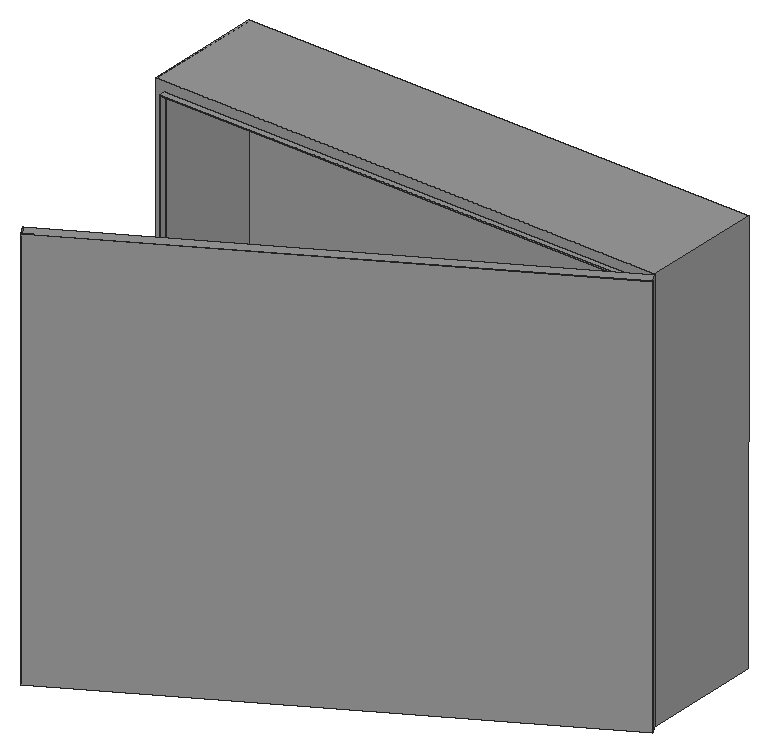
Revit family "Hager-Univers-IP44-D205-H650-Cl.I-Encl-NoHosted-CH-en", category Equipement électrique, Revit 2020
Family settings
  Configuration du panneau = Deux colonnes, circuits au sein
  Cote de connecteur circulaire = Utiliser le diamètre
  Type d'élément = Tableau de raccordement
  Basée sur le plan de construction = Oui
  Toujours verticalement = Oui
  Couper avec des vides une fois chargée = Non
  Partagée = Non
  Point de calcul de pièce = Non
Parameters (values of type "Surface mounted (plaster) IP44 W800 H650 D205  - FP43TN2")
  Width Control [instance] = if([EF000008 - Width] > Min Width, [EF000008 - Width], Min Width)  # 800 mm
  Commentaires du type = [HG000003 - Range]  # "Univers"
  Thickness Door [instance] = if([EF009171 - Material plate thickness door/cover] > 3 mm, 3 mm, [EF009171 - Material plate thickness door/cover])  # 1 mm
  Seal Frame Offset [instance] = 17 mm  # constant formula
  Plinth Visibility [instance] = [HG000027 - Plinth height] > 0 mm  # no
  Min Width [instance] = 100 mm  # constant formula
  Min Depth [instance] = (2 * [EF009170 - Material plate thickness cabinet]) + 1 mm  # 3 mm
  Min Height [instance] = 100 mm  # constant formula
  Internal Frame Depth [instance] = (Door System Depth * 0.5)  # 9 mm
  Panel Name [instance] = ""  # (empty or 0)
  Model = ""
  HG000027 - Plinth height = 0 mm
  HG000026 - Floor standing = no
  HG000024 - Bottom section height = 600 mm
  HG000023 - Double section enclosure = no
  HG000016 - Door 3d visibility [instance] = yes
  HG000015 - Clearance visibility [instance] = no
  HG000014 - Door on the right [instance] = yes
  HG000013 - Door on the left [instance] = not([HG000014 - Door on the right])  # no
  HG000012 - Door swing angle [instance] = 30.00°
  HG000010 - Asymmetric doors = no
  HG000009 - Double swing door = no
  HG000006 - Flush mounted = no
  HG000004 - Manufacturer reference = "FP43TN2"
  HG000003 - Range = "Univers"
  HG000002 - With door or cover = yes
  Frame Offset Bottom [instance] = 10 mm  # constant formula
  Frame Offset [instance] = 15 mm  # constant formula
  EF015940 - Cover with overpressure release = no
  EF011959 - Degree of protection (NEMA) = ""
  EF009554 - Number of openings for flange plates = 6
  EF009212 - Cover model = "EV000116 - Closed"
  EF009171 - Material plate thickness door/cover = 1 mm
  EF009170 - Material plate thickness cabinet = 1 mm
  EF008873 - Nominal current (In) = 250 A
  EF007800 - Suitable for lightning protection = no
  EF006306 - With lock = no
  EF006244 - Transparent cover/door = no
  EF005474 - Degree of protection (IP) = "EV006418 - IP44"
  EF004464 - Type of door = "EV002646 - Single"
  EF004427 - Number of modules = 144
  EF004293 - Impact strength = "EV006815 - IK09"
  EF003532 - Suitable for outdoor use = no
  EF002950 - Width in number of modular spacings = 36
  EF001613 - Circuit integrity = "EV000494 - None"
  EF001596 - Material housing = "EV000179 - Steel"
  EF001131 - Internal depth = 205 mm
  EF001088 - Extension possible = yes
  EF000437 - Number of conduit inlets = 6
  EF000339 - Type of cover = "EV001012 - Cover"
  EF000266 - Number of rows = 4
  EF000218 - Built-in depth = 205 mm
  EF000118 - With mounting plate = no
  EF000116 - RAL-number = "9010"
  EF000049 - Depth = 205 mm
  EF000040 - Height = 650 mm
  EF000008 - Width = 800 mm
  EF000007 - Colour = "EV000202 - White"
  EF000003 - Mounting method = "EV000384 - Surface mounted (plaster)"
  Door System Leaf Tolerance [instance] = 1.5 mm  # constant formula
  Door System Depth [instance] = 18 mm  # constant formula
  Door Height [instance] = Height Control - [HG000027 - Plinth height]  # 650 mm
  Description = ""
  Default Elevation = 1219.2 mm
  Connector Offset [instance] = Height Control / 2  # 325 mm
  Fabricant = "Hager"  # constant formula
  Height Control [instance] = if([EF000040 - Height] > Min Height, [EF000040 - Height], Min Height)  # 650 mm
  Depth Control [instance] = if([EF000049 - Depth] > Min Depth, [EF000049 - Depth], Min Depth)  # 205 mm
  Bottom Top Plate Trim [instance] = 1.5 mm  # constant formula
  Plinth height Ctrl [instance] = if([HG000027 - Plinth height] > 0 mm, [HG000027 - Plinth height], 12 mm)  # 12 mm
Types (9, lengths in mm): name | Width Control | HG000010 - Asymmetric doors | HG000009 - Double swing door | HG000004 - Manufacturer reference | EF009554 - Number of openings for flange plates | EF004464 - Type of door | EF004427 - Number of modules | EF002950 - Width in number of modular spacings | EF000437 - Number of conduit inlets | EF000218 - Built-in depth | EF000008 - Width
  Surface mounted (plaster) IP44 W1050 H650 D205  - FP44QT | 1050 | no | no | "FP44QT" | 8 | "EV003602 - Double" | 192 | 48 | 8 | 0 | 1050
  Surface mounted (plaster) IP44 W1050 H650 D205  - FP44TN2 | 1050 | no | yes | "FP44TN2" | 8 | "EV003602 - Double" | 192 | 48 | 8 | 205 | 1050
  Surface mounted (plaster) IP44 W1300 H650 D205  - FP45TN2 | 1300 | yes | yes | "FP45TN2" | 10 | "EV003602 - Double" | 240 | 60 | 10 | 205 | 1300
  Surface mounted (plaster) IP44 W300 H650 D205  - FP41QT | 300 | no | no | "FP41QT" | 2 | "EV002646 - Single" | 48 | 12 | 2 | 0 | 300
  Surface mounted (plaster) IP44 W300 H650 D205  - FP41TN2 | 300 | no | no | "FP41TN2" | 2 | "EV002646 - Single" | 48 | 12 | 2 | 205 | 300
  Surface mounted (plaster) IP44 W550 H650 D205  - FP42QT | 550 | no | no | "FP42QT" | 4 | "EV002646 - Single" | 96 | 24 | 4 | 0 | 550
  Surface mounted (plaster) IP44 W550 H650 D205  - FP42TN2 | 550 | no | no | "FP42TN2" | 4 | "EV002646 - Single" | 96 | 24 | 4 | 205 | 550
  Surface mounted (plaster) IP44 W800 H650 D205  - FP43QT | 800 | no | no | "FP43QT" | 6 | "EV002646 - Single" | 144 | 36 | 6 | 0 | 800
  Surface mounted (plaster) IP44 W800 H650 D205  - FP43TN2 | 800 | no | no | "FP43TN2" | 6 | "EV002646 - Single" | 144 | 36 | 6 | 205 | 800
Reference planes
  plane 1 "Center (Front/Back)": y = 0
  plane 2: z = 0
  plane 3 "Center (Left/Right)": x = 0
  plane 4: y = 0
  plane 5: y = 0
  plane 6: z = 0
  plane 7: x = -400
  plane 8: x = 400
  plane 9: x = 399
  plane 10: x = -399
  plane 11: z = 0
  plane 12: z = 1
  plane 13: y = -205
  plane 14: y = -1
  plane 15: x = 0
  plane 16: y = -187
  plane 17: y = -204
  plane 18: y = -186
  plane 19: x = -384
  plane 20: x = 384
  plane 21: z = 11
  plane 22: x = -383
  plane 23: x = 383
  plane 24: z = 0
  plane 25: z = 650
  plane 26: z = 650
  plane 27: z = 634
  plane 28: z = 649
Forms (mm)
  Extrusion 1, solid, material "Hager_Steel_RAL7035_Light_Grey", detail levels medium+fine
    sketch origin (-208.679, -4572, 0) x (-1, 0, 0) y (0, -1, 0)
      loop
        line (191.321, -4385) -> (-608.679, -4385) -> (-608.679, -4572) -> (191.321, -4572) -> (191.321, -4385)
    from 0 to 650
  Extrusion 2, void
    sketch origin (-350.771, -205, 1219.2) x (1, 0, 0) y (0, 0, 1)
      loop
        line (-48.229, -570.2) -> (-48.229, -1218.2) -> (749.771, -1218.2) -> (749.771, -570.2) -> (-48.229, -570.2)
    from -19 to -204
  Extrusion 3, void
    sketch origin (-290.084, -187, 1219.2) x (1, 0, 0) y (0, 0, 1)
      loop
        line (-93.916, -1208.2) -> (674.084, -1208.2) -> (674.084, -585.2) -> (-93.916, -585.2) -> (-93.916, -1208.2)
    from 0 to -1
  Extrusion 4, solid, material "Hager_Steel_RAL7035_Light_Grey", visible <- "Plinth Visibility", detail levels medium+fine
    sketch origin (0, 0, 0) x (1, 0, 0) y (0, 1, 0)
      loop
        line (-400, 0) -> (-400, -187) -> (400, -187) -> (400, 0) -> (-400, 0)
    from 0 to 12 <- "Plinth height Ctrl"
  Extrusion 5, solid, material "Hager_Steel_RAL7035_Light_Grey", detail levels coarse
    sketch origin (0, 0, 0) x (1, 0, 0) y (0, 1, 0)
      loop
        line (-400, 0) -> (-400, -205) -> (400, -205) -> (400, 0) -> (-400, 0)
    from 0 to 650 <- "Height Control"
  Sweep 6, void
    path in 3D
      loop
        line (-400, -187, 12) -> (400, -187, 12) -> (400, 0, 12) -> (-400, 0, 12) -> (-400, -187, 12)
    profile origin (-400, -93.5, 12) x (1, 0, 0) y (0, 0, 1)
      loop
        line (0, 0) -> (0, -1.5) -> (1.5, -1.5)
        arc (1.5, -1.5) -> (1.061, -0.439) -> (0, 0) r 1.5
  Extrusion 7, solid, material "Hager_Steel_RAL7035_Light_Grey", detail levels fine
    sketch origin (-400, -187, 0) x (1, 0, 0) y (0, 0, 1)
      loop
        line (16, 11) -> (784, 11) -> (784, 634) -> (16, 634) -> (16, 11)
      loop
        line (15, 10) -> (785, 10) -> (785, 635) -> (15, 635) -> (15, 10)
    from 0 to 9 <- "Internal Frame Depth"
Cuts and joins
  Extrusion 2, Extrusion 3 cuts Extrusion 1
  Sweep 6 cuts Extrusion 4
Lines and regions (mm)
  Masking region 1
    outline origin (0, 0, 0) x (1, 0, 0) y (0, 1, 0)
      loop
        line (-400, 0) -> (-400, -205) -> (400, -205) -> (400, 0) -> (-400, 0)
  Masking region 2, detail levels coarse
    outline origin (-290.084, -187, 1219.2) x (-1, 0, 0) y (0, 0, 1)
      loop
        line (-690.084, -1219.2) -> (109.916, -1219.2) -> (109.916, -569.2) -> (-690.084, -569.2) -> (-690.084, -1219.2)
  Masking region 3, detail levels coarse
    outline origin (0, 0, 0) x (0, 1, 0) y (0, 0, 1)
      loop
        line (0, 0) -> (0, 650) -> (-205, 650) -> (-205, 0) -> (0, 0)
  Masking region 4, visible <- "Plinth Visibility", detail levels medium+fine
    outline origin (0, 0, 0) x (0, 1, 0) y (0, 0, 1)
      loop
        line (-1.5, 12) -> (-185.5, 12)
        arc (-185.5, 12) -> (-185.939, 10.939) -> (-187, 10.5) r 1.5
        line (-187, 10.5) -> (-187, 0) -> (0, 0) -> (0, 10.5)
        arc (0, 10.5) -> (-1.061, 10.939) -> (-1.5, 12) r 1.5
  Masking region 5, detail levels medium+fine
    outline origin (0, 0, 594.038) x (0, 1, 0) y (0, 0, 1)
      loop
        line (0, -594.038) -> (0, 55.962) -> (-187, 55.962) -> (-187, -594.038) -> (0, -594.038)
  Masking region 6, detail levels medium+fine
    outline origin (-359.7, -187, 1211.883) x (-1, 0, 0) y (0, 0, 1)
      loop
        line (-759.7, -1211.883) -> (40.3, -1211.883) -> (40.3, -561.883) -> (-759.7, -561.883) -> (-759.7, -1211.883)
  Masking region 7, visible <- "Plinth Visibility", detail levels medium+fine
    outline origin (-320.334, -187, 1041.368) x (-1, 0, 0) y (0, 0, 1)
      loop
        line (-720.334, -1041.368) -> (79.666, -1041.368) -> (79.666, -1030.868)
        arc (79.666, -1030.868) -> (78.606, -1030.429) -> (78.166, -1029.368) r 1.5
        line (78.166, -1029.368) -> (-718.834, -1029.368)
        arc (-718.834, -1029.368) -> (-719.273, -1030.429) -> (-720.334, -1030.868) r 1.5
        line (-720.334, -1030.868) -> (-720.334, -1041.368)
  sketch lines
    curve 1: line (-400, 0, 12) -> (-400, -187, 12)
    curve 2: line (-400, -187, 12) -> (400, -187, 12)
    curve 3: line (400, 0, 12) -> (-400, 0, 12)
    curve 4: line (400, -187, 12) -> (400, 0, 12)
Dimensions and locks
  locked: plane 1 "Center (Front/Back)" to plane 5
  "EF009170 - Material plate thickness cabinet": plane 7 to plane 10
  "EF009170 - Material plate thickness cabinet": plane 8 to plane 9
  equal spacing: plane 7, plane 3 "Center (Left/Right)", plane 8
  "Width Control": plane 7 to plane 8
  "Depth Control": plane 4 to plane 13
  "EF009170 - Material plate thickness cabinet": plane 4 to plane 14
  "Height Control": plane 25 to level
  "HG000027 - Plinth height": plane 11 to level
  "EF009170 - Material plate thickness cabinet": plane 12 to plane 11
  "EF009170 - Material plate thickness cabinet": plane 17 to plane 13
  "EF009170 - Material plate thickness cabinet": plane 18 to plane 16
  "Frame Offset Bottom": plane 21 to plane 12
  "Frame Offset": plane 10 to plane 19
  "Frame Offset": plane 9 to plane 20
  "Door System Depth": plane 16 to plane 13
  "Seal Frame Offset": plane 7 to plane 22
  "Seal Frame Offset": plane 8 to plane 23
  "EF009170 - Material plate thickness cabinet": plane 26 to plane 28
  "Frame Offset": plane 28 to plane 27
  "Connector Offset": plane 2 to connector elem
  "Bottom Top Plate Trim": profile plane to Sweep 6 sketch curve
  "Bottom Top Plate Trim": Sweep 6 sketch curve to Sweep 6 sketch curve
  "Plinth height Ctrl": Masking region 4 sketch curve to level
  "Plinth height Ctrl": Masking region 7 sketch curve to level
  "Thickness Door": Extrusion 7 sketch curve to Extrusion 7 sketch curve  (x4)
  "Bottom Top Plate Trim": radius of Sweep 6 sketch curve
  "Bottom Top Plate Trim": radius of Masking region 4 sketch curve  (x2)
  "Bottom Top Plate Trim": radius of Masking region 7 sketch curve  (x2)
  aligned and locked: Extrusion 2 sketch curve to plane 12
  aligned and locked: Extrusion 2 sketch curve to plane 9
  aligned and locked: Extrusion 2 sketch curve to plane 10
  aligned and locked: Extrusion 2 to plane 14
  aligned and locked: Extrusion 1 sketch curve to plane 4
  aligned and locked: plane 8 to Extrusion 1 sketch curve
  aligned and locked: plane 7 to Extrusion 1 sketch curve
  aligned and locked: Extrusion 2 to plane 18
  aligned and locked: Extrusion 3 sketch curve to plane 19
  aligned and locked: plane 20 to Extrusion 3 sketch curve
  aligned and locked: Extrusion 3 to Extrusion 2
  aligned and locked: Extrusion 3 sketch curve to plane 21
  aligned and locked: plane 3 "Center (Left/Right)" to nested 1
  aligned and locked: Extrusion 1 sketch curve to plane 16
  aligned and locked: Extrusion 4 sketch curve to cut or joined group of Extrusion 1, Extrusion 2, Extrusion 3
  aligned and locked: Masking region 1 sketch curve to plane 7
  aligned and locked: Masking region 1 sketch curve to plane 5
  aligned and locked: Masking region 1 sketch curve to plane 8
  aligned and locked: Masking region 2 sketch curve to level
  aligned and locked: level to Masking region 3 sketch curve
  aligned and locked: plane 1 "Center (Front/Back)" to Masking region 3 sketch curve
  aligned and locked: plane 13 to Masking region 3 sketch curve
  aligned and locked: plane 5 to Masking region 4 sketch curve
  aligned and locked: Masking region 2 sketch curve to plane 8
  aligned and locked: Masking region 2 sketch curve to plane 7
  aligned and locked: plane 7 to nested 2
  aligned and locked: nested 2 to plane 5
  aligned and locked: plane 5 to Masking region 5 sketch curve
  aligned and locked: plane 26 to Masking region 5 sketch curve
  aligned and locked: Extrusion 5 sketch curve to plane 8
  aligned and locked: Extrusion 5 sketch curve to plane 7
  aligned and locked: Extrusion 5 sketch curve to plane 5
  aligned and locked: Extrusion 3 sketch curve to plane 27
  aligned and locked: Extrusion 2 sketch curve to plane 28
  aligned and locked: Masking region 2 to plane 25
  aligned and locked: Extrusion 4 to plane 16
  aligned and locked: profile plane to Sweep 6 sketch curve
  aligned and locked: Masking region 5 sketch curve to plane 24
  aligned and locked: level to Masking region 4 sketch curve
  aligned and locked: Masking region 1 to plane 13
  aligned and locked: nested 1 to plane 16
  aligned and locked: Masking region 3 to plane 25
  aligned and locked: plane 16 to Masking region 4 sketch curve
  aligned and locked: Masking region 5 sketch curve to plane 16
  aligned and locked: plane 24 to plane 11
  aligned and locked: plane 26 to plane 25
  aligned and locked: plane 26 to cut or joined group of Extrusion 1, Extrusion 2, Extrusion 3
  aligned and locked: nested 1 to plane 24
  aligned and locked: Extrusion 1 to Extrusion 3
  aligned and locked: Masking region 6 sketch curve to plane 8
  aligned and locked: Masking region 6 sketch curve to plane 24
  aligned and locked: Masking region 6 sketch curve to plane 7
  aligned and locked: Masking region 6 sketch curve to plane 26
  aligned and locked: Masking region 7 sketch curve to plane 7
  aligned and locked: level to Masking region 7 sketch curve
  aligned and locked: Masking region 7 sketch curve to plane 8
  aligned and locked: Extrusion 7 sketch curve to cut or joined group of Extrusion 1, Extrusion 2, Extrusion 3  (x4)
Automatic sketch dimensions
  plane 19 to Extrusion 3 sketch curve = 0 mm
  Extrusion 3 sketch curve to plane 20 = 0 mm
  Extrusion 3 sketch curve to plane 21 = 0 mm
  Extrusion 4 sketch curve to plane 7 = 0 mm
  Extrusion 4 sketch curve to plane 8 = 0 mm
  Extrusion 4 sketch curve to plane 16 = 0 mm
  Masking region 1 sketch curve to plane 13 = 0 mm
  Masking region 2 sketch curve to plane 25 = 0 mm
  Masking region 3 sketch curve to plane 25 = 0 mm
  Extrusion 5 sketch curve to plane 13 = 0 mm
  profile plane to Sweep 6 sketch curve = 0 mm
Nested families
  nested 1: "EC000058_Univers_Door" at (0, -187, 0), Double <- "HG000009 - Double swing door", Transparent <- "EF006244 - Transparent cover/door", Angle <- "HG000012 - Door swing angle", Door_Right <- "HG000014 - Door on the right", Assymetrical <- "HG000010 - Asymmetric doors", Door <- "HG000002 - With door or cover", Width_Ctrl <- "Width Control", 3d_Door <- "HG000016 - Door 3d visibility", Clearance <- "HG000015 - Clearance visibility", Door_Left <- "HG000013 - Door on the left", Width <- "Width Control", Door_Depth <- "Door System Depth", Leaf_Tolerance <- "Door System Leaf Tolerance", Height <- "Door Height", Lock_Visibility <- "EF006306 - With lock", Thickness <- "Thickness Door", type "EC000058_Univers_Door", detail levels medium+fine
    with min_wh 3 mm, Width_Ctrl 800 mm, Width 800 mm, Transparent no, Thickness 1 mm, Seal_Material Hager_Rubber, Lock_Visibility no, Lock_Material Hager_Plastic_RAL9005_Jet_Black, Leaf_Width 800 mm, Leaf_Tolerance_External_Sides 0 mm, Leaf_Tolerance 1.5 mm, Leaf_Offset 0 mm, Leaf_Height 647 mm, Leaf_2_Width 800 mm, Leaf_2_Offset 400 mm, Leaf_1_Width 800 mm, Leaf_1_Offset 400 mm, Height_Ctrl 650 mm, Height 650 mm, Glass_Material Hager_Glass, Double_Clearance_Ctrl no, Double no, Door_Right_Ctrl yes, Door_Right yes, Door_Material Hager_Steel_RAL7035_Light_Grey, Door_Left_Ctrl no, Door_Left no, Door_Depth 18 mm, Door yes, Clearance_Material Hager_Clearance, Clearance_Depth 800 mm, Clearance_Ctrl no, Clearance no, Assymetrical no, Angle 30.00°, 3d_Door yes
  nested 2: "Hager_Enclosure_Symbol" at (-400, 0, 0), Height <- "Depth Control", Width <- "Width Control", type "Hager_Enclosure_Symbol"
    with Width_Ctrl 800 mm, Width 800 mm, Height_Ctrl 205 mm, Height 205 mm, A_Width_Int 13.453 mm, A_Width 161.438 mm, A_Height_Ctrl 179.375 mm, A_Height 179.375 mm
Connectors
  electrical at (0, 0, 325)
    settings: on plane 1 "Center (Front/Back)", index 1, voltage 0 V, apparent load 0 VA, apparent load phase1 0 VA, apparent load phase2 0 VA, apparent load phase3 0 VA, power factor 1, load classification "Other", number of poles 1, system type 30, power factor state 1, is connector primary yes, connector utility no, sub classification motor no, connector description ""
Definition of nested family "EC000058_Univers_Door"
  Parameters (values of type "EC000058_Univers_Door")
    min_wh [instance] = (2 * Thickness) + 1 mm  # 11 mm
    Width_Ctrl [instance] = 400 mm
    Width [instance] = 500 mm
    Transparent [instance] = yes
    Thickness [instance] = 5 mm
    Seal_Material [instance] = none
    Lock_Visibility [instance] = yes
    Lock_Material [instance] = none
    Leaf_Width [instance] = if((Width_Ctrl - 2 * Leaf_Tolerance_External_Sides) > 0 mm, (Width_Ctrl - 2 * Leaf_Tolerance_External_Sides), min_wh)  # 400 mm
    Leaf_Tolerance_External_Sides [instance] = 0 mm  # constant formula
    Leaf_Tolerance [instance] = 1.5 mm
    Leaf_Offset [instance] = 0 mm  # constant formula
    Leaf_Height [instance] = if((Height_Ctrl - 2 * Leaf_Tolerance) > 0 mm, (Height_Ctrl - 2 * Leaf_Tolerance), min_wh)  # 497 mm
    Leaf_2_Width [instance] = if(and(and(Double, Assymetrical), Door_Left), (Leaf_Width / 3) - (Leaf_Tolerance / 2), if(and(and(Double, Assymetrical), Door_Right), (Leaf_Width / 3) * 2 - (Leaf_Tolerance / 2), if(and(Double, not(Assymetrical)), (Leaf_Width / 2) - Leaf_Tolerance, Leaf_Width)))  # 400 mm
    Leaf_2_Offset [instance] = if(and(Double, Assymetrical), Leaf_2_Width / 2, if(and(Double, not(Assymetrical)), Leaf_Width / 4, Leaf_Width / 2))  # 200 mm
    Leaf_1_Width [instance] = if(and(and(Double, Assymetrical), Door_Right), (Leaf_Width / 3) - (Leaf_Tolerance / 2), if(and(and(Double, Assymetrical), Door_Left), (Width / 3) * 2 - (Leaf_Tolerance / 2), if(and(Double, not(Assymetrical)), (Leaf_Width / 2) - Leaf_Tolerance, Leaf_Width)))  # 400 mm
    Leaf_1_Offset [instance] = if(and(Double, Assymetrical), Leaf_1_Width / 2, if(and(Double, not(Assymetrical)), Leaf_Width / 4, Leaf_Width / 2))  # 200 mm
    Height_Ctrl [instance] = if(Height > min_wh, Height, min_wh)  # 500 mm
    Height [instance] = 500 mm
    Glass_Material [instance] = none
    Double_Clearance_Ctrl [instance] = and(Double, Clearance)  # no
    Double [instance] = no
    Door_Right_Ctrl [instance] = and(or(Door_Right, Double), Door)  # yes
    Door_Right [instance] = yes
    Door_Material [instance] = none
    Door_Left_Ctrl [instance] = and(or(Door_Left, Double), Door)  # no
    Door_Left [instance] = no
    Door_Depth [instance] = 30 mm
    Door [instance] = yes
    Default Elevation = 1219.2 mm
    Clearance_Material [instance] = none
    Clearance_Depth [instance] = if(Leaf_1_Width > Leaf_2_Width, Leaf_1_Width, Leaf_2_Width)  # 400 mm
    Clearance_Ctrl [instance] = and(not(Double), Clearance)  # yes
    Clearance [instance] = yes
    Assymetrical [instance] = yes
    Angle [instance] = 30.00°
    3d_Door [instance] = yes
  Reference planes
    plane 1 "Center (Front/Back)": y = 0
    plane 2 "Bottom": z = 0
    plane 3 "Center (Left/Right)": x = 0
    plane 4: z = 500
    plane 5: x = -200
    plane 6: x = 200
    plane 7: z = 500
    plane 8: x = -200
    plane 9: z = 0
    plane 10: x = 200
    plane 11: y = 0
    plane 12: z = 1.5
    plane 13: x = -600
    plane 14: y = -400
    plane 15: x = 600
    plane 16: x = 0
    plane 17: x = 0
    plane 18: x = -200
    plane 19: x = 200
    plane 20: z = 498.5
  Forms (mm)
    Extrusion 1, solid, material <- "Clearance_Material", visible <- "Double_Clearance_Ctrl"
      sketch origin (1200, 0, 0) x (1, 0, 0) y (0, 0, -1)
        loop
          line (-1800, -498.5) -> (-600, -498.5) -> (-600, 0) -> (-1800, 0) -> (-1800, -498.5)
      from 0 to -400
  Dimensions and locks
    equal spacing: plane 5, plane 3 "Center (Left/Right)", plane 6
    "Width_Ctrl": plane 5 to plane 6
    "Leaf_Offset": plane 5 to plane 8
    "Leaf_Offset": plane 6 to plane 10
    "Leaf_Offset": plane 9 to level
    "Leaf_Offset": plane 4 to plane 7
    "Height_Ctrl": plane 4 to level
    "Leaf_Tolerance": plane 12 to plane 9
    locked: plane 11 to plane 1 "Center (Front/Back)"
    "Leaf_1_Offset": plane 18 to plane 16
    "Leaf_2_Offset": plane 17 to plane 19
    "Leaf_1_Width": plane 13 to plane 8
    "Leaf_2_Width": plane 10 to plane 15
    "Clearance_Depth": plane 14 to plane 1 "Center (Front/Back)"
    "Leaf_Tolerance_External_Sides": plane 8 to plane 18
    "Leaf_Tolerance_External_Sides": plane 19 to plane 10
    "Leaf_Tolerance": plane 7 to plane 20
    aligned and locked: level to plane 2 "Bottom"
    aligned and locked: nested 1 to plane 16
    aligned and locked: nested 2 to plane 17
    aligned and locked: Extrusion 1 to plane 13
    aligned and locked: plane 15 to Extrusion 1
    aligned and locked: Extrusion 1 to plane 14
    aligned and locked: plane 12 to nested 1
    aligned and locked: nested 2 to plane 12
    aligned and locked: Extrusion 1 to plane 11
    aligned and locked: plane 20 to Extrusion 1
    aligned and locked: nested 2 to plane 11
    aligned and locked: nested 1 to plane 11
  Automatic sketch dimensions
    Extrusion 1 sketch curve to level = 0 mm
    plane 5 to Extrusion 1 sketch curve = 400 mm
    plane 6 to Extrusion 1 sketch curve = 400 mm
    Extrusion 1 sketch curve to plane 4 = 1.5 mm
  Nested families
    nested 1: "EC000058_Univers_Door_Leaf" at (0, 0, 1.5), Width <- "Leaf_1_Width", visible <- "Door_Left_Ctrl", Leaf_Height <- "Leaf_Height", Angle <- "Angle", 3d_Door <- "3d_Door", Transparent <- "Transparent", Clearance Material <- "Clearance_Material", Clearance <- "Clearance_Ctrl", Door_Material <- "Door_Material", Glass_Material <- "Glass_Material", Door_Depth <- "Door_Depth", Lock_Material <- "Lock_Material", Seal_Material <- "Seal_Material", Lock_Visibility <- "Lock_Visibility", Thickness <- "Thickness", type "EC000058_Univers_Door_Leaf"
      with Width 400 mm, Transparent_Glass_Offset 30 mm, Transparent_Ctrl yes, Transparent yes, Thickness 5 mm, Standard no, Seal_Material none, Seal_D2 8 mm, Seal_D1 1 mm, Offset_Internal_Frame 10 mm, Lock_Width 20 mm, Lock_Visibility_3d yes, Lock_Visibility yes, Lock_Thickness_3 3 mm, Lock_Thickness_2 1 mm, Lock_Thickness_1 3 mm, Lock_Radius_Offset_2 16 mm, Lock_Radius_Offset_1 15 mm, Lock_Radius_2 5 mm, Lock_Radius 6 mm, Lock_Offset 5 mm, Lock_Material none, Lock_Height 80 mm, Lock_Cover_Top_Offset_2d 17 mm, Lock_Cover_Height -65 mm, Leaf_Height 497 mm, Internal_Seal_Thickness 8 mm, Internal_Seal_Depth_2 4.5 mm, Internal_Frame_Depth 25 mm, Glass_Thickness -1 mm, Glass_Offset -2 mm, Glass_Material none, Door_Material none, Door_Depth 30 mm, Clearance Material none, Clearance yes, Angle_Ctrl 30.00°, Angle 30.00°, 3d_Door yes
    nested 2: "EC000058_Univers_Door_Leaf" at (0, 0, 1.5) x (-1, 0, 0) z (0, 0, 1), Width <- "Leaf_2_Width", visible <- "Door_Right_Ctrl", Leaf_Height <- "Leaf_Height", Angle <- "Angle", 3d_Door <- "3d_Door", Transparent <- "Transparent", Clearance Material <- "Clearance_Material", Clearance <- "Clearance_Ctrl", Door_Material <- "Door_Material", Glass_Material <- "Glass_Material", Door_Depth <- "Door_Depth", Lock_Material <- "Lock_Material", Seal_Material <- "Seal_Material", Lock_Visibility <- "Lock_Visibility", Thickness <- "Thickness", type "EC000058_Univers_Door_Leaf"
      with Width 400 mm, Transparent_Glass_Offset 30 mm, Transparent_Ctrl yes, Transparent yes, Thickness 5 mm, Standard no, Seal_Material none, Seal_D2 8 mm, Seal_D1 1 mm, Offset_Internal_Frame 10 mm, Lock_Width 20 mm, Lock_Visibility_3d yes, Lock_Visibility yes, Lock_Thickness_3 3 mm, Lock_Thickness_2 1 mm, Lock_Thickness_1 3 mm, Lock_Radius_Offset_2 16 mm, Lock_Radius_Offset_1 15 mm, Lock_Radius_2 5 mm, Lock_Radius 6 mm, Lock_Offset 5 mm, Lock_Material none, Lock_Height 80 mm, Lock_Cover_Top_Offset_2d 17 mm, Lock_Cover_Height -65 mm, Leaf_Height 497 mm, Internal_Seal_Thickness 8 mm, Internal_Seal_Depth_2 4.5 mm, Internal_Frame_Depth 25 mm, Glass_Thickness -1 mm, Glass_Offset -2 mm, Glass_Material none, Door_Material none, Door_Depth 30 mm, Clearance Material none, Clearance yes, Angle_Ctrl 30.00°, Angle 30.00°, 3d_Door yes
  Definition of nested family "EC000058_Univers_Door_Leaf"
    Parameters (values of type "EC000058_Univers_Door_Leaf")
      Width [instance] = 2000 mm
      Transparent_Glass_Offset [instance] = 30 mm
      Transparent_Ctrl [instance] = and(Transparent, [3d_Door])  # yes
      Transparent [instance] = yes
      Thickness [instance] = 5 mm
      Standard [instance] = and(not(Transparent), [3d_Door])  # no
      Seal_Material [instance] = none
      Seal_D2 [instance] = 8 mm  # constant formula
      Seal_D1 [instance] = 1 mm  # constant formula
      Offset_Internal_Frame [instance] = 10 mm  # constant formula
      Lock_Width [instance] = 20 mm  # constant formula
      Lock_Visibility_3d [instance] = and(Lock_Visibility, [3d_Door])  # yes
      Lock_Visibility [instance] = yes
      Lock_Thickness_3 [instance] = 3 mm  # constant formula
      Lock_Thickness_2 [instance] = 1 mm  # constant formula
      Lock_Thickness_1 [instance] = 3 mm  # constant formula
      Lock_Radius_Offset_2 [instance] = Lock_Radius_Offset_1 + 1 mm  # 16 mm
      Lock_Radius_Offset_1 [instance] = 15 mm  # constant formula
      Lock_Radius_2 [instance] = Lock_Radius - 1 mm  # 5 mm
      Lock_Radius [instance] = 6 mm  # constant formula
      Lock_Offset [instance] = 5 mm  # constant formula
      Lock_Material [instance] = none
      Lock_Height [instance] = 80 mm  # constant formula
      Lock_Cover_Top_Offset_2d [instance] = Lock_Radius_Offset_2 + 1 mm  # 17 mm
      Lock_Cover_Height [instance] = -(Lock_Height - Lock_Radius_Offset_1)  # -65 mm
      Leaf_Height [instance] = 2720.336 mm
      Internal_Seal_Thickness [instance] = 8 mm  # constant formula
      Internal_Seal_Depth_2 [instance] = 4.5 mm  # constant formula
      Internal_Frame_Depth [instance] = if(Door_Depth - Thickness > 5 mm, Door_Depth - Thickness, 5 mm)  # 25 mm
      Glass_Thickness [instance] = if(Thickness > 15 mm, Glass_Offset + 10 mm, -1 mm)  # -1 mm
      Glass_Offset [instance] = if(Thickness > 15 mm, -(Thickness + 10 mm) / 2, -2 mm)  # -2 mm
      Glass_Material [instance] = none
      Door_Material [instance] = none
      Door_Depth [instance] = 30 mm
      Default Elevation = 0 mm
      Clearance Material [instance] = none
      Clearance [instance] = yes
      Angle_Ctrl [instance] = if(Angle > 180.00°, 180.00°, Angle)  # 90.00°
      Angle [instance] = 90.00°
      3d_Door [instance] = yes
    Reference planes
      plane 1 "Center (Front/Back)": y = 0
      plane 2: z = 0
      plane 3 "Center (Left/Right)": x = 0
      plane 4: y = 2000
      plane 5: x = -1000
      plane 6: x = 1000
      plane 7: x = -3000
      plane 8: z = 2720.336
      plane 9: z = 30
      plane 10: z = 2690.336
      plane 11: x = 970
      plane 12: x = -970
      plane 13: y = -3
      plane 14: z = 107.833
      plane 15: y = -5
      plane 16: y = -223.314
      plane 17: x = -1000
      plane 18: z = 1360.168
      plane 19: y = 30
    Forms (mm)
      Extrusion 1, solid, material <- "Clearance Material", visible <- "Clearance"
        sketch origin (0, 0, 0) x (1, 0, 0) y (0, 0, 1)
          loop
            line (-3000, 2720.336) -> (-3000, 0) -> (1000, 0) -> (1000, 2720.336) -> (-3000, 2720.336)
        from 0 to -2000
      Extrusion 2, solid, material <- "Door_Material", visible <- "Standard", detail levels medium+fine
        sketch origin (-1000, 0, 0) x (0, 1, 0) y (-1, 0, 0)
          loop
            line (0, 30) -> (0, 25) -> (2000, 25) -> (2000, 30) -> (0, 30)
        from 0 to 2720.336 <- "Leaf_Height"
      Extrusion 3, solid, material <- "Door_Material", visible <- "Transparent_Ctrl", detail levels medium+fine
        sketch origin (-1000, 0, 0) x (0, 1, 0) y (-1, 0, 0)
          loop
            line (0, 25) -> (2000, 25) -> (2000, 30) -> (0, 30) -> (0, 25)
        from 0 to 2720.336 <- "Leaf_Height"
      Extrusion 4, void
        sketch origin (-1025, 2000, 0) x (0, 1, 0) y (0, 0, -1)
          loop
            line (-30, -2690.336) -> (-30, -30) -> (-1970, -30) -> (-1970, -2690.336) -> (-30, -2690.336)
        from 0 to 5 <- "Thickness"
      Sweep 5, solid, material <- "Seal_Material", visible <- "Transparent_Ctrl", detail levels fine
        path in 3D
          loop
            line (-1025, 30, 30) -> (-1025, 30, 2690.336) -> (-1025, 1970, 2690.336) -> (-1025, 1970, 30) -> (-1025, 30, 30)
        profile origin (-1025, 1000, 30) x (1, 0, 0) y (0, 0, 1)
          loop
            line (0, 0) -> (0, -8) -> (1, -8) -> (1, 0) -> (0, 0)
      Extrusion 6, solid, material <- "Glass_Material", visible <- "Transparent_Ctrl", detail levels medium+fine
        sketch origin (-1030, 0, 0) x (0, 1, 0) y (0, 0, -1)
          loop
            line (1970, -2690.336) -> (1970, -30) -> (30, -30) -> (30, -2690.336) -> (1970, -2690.336)
        from -2 <- "Glass_Offset" to -1 <- "Glass_Thickness"
      Extrusion 7, solid, material <- "Door_Material", visible <- "3d_Door", detail levels medium+fine
        sketch origin (-1025, 2000, 0) x (0, -1, 0) y (0, 0, -1)
          loop
            line (0, -2720.336) -> (2000, -2720.336) -> (2000, 0) -> (0, 0) -> (0, -2720.336)
          loop
            line (1995, -5) -> (5, -5) -> (5, -2715.336) -> (1995, -2715.336) -> (1995, -5)
        from 0 to 25 <- "Internal_Frame_Depth"
      Sweep 8, solid, material <- "Seal_Material", visible <- "Transparent_Ctrl", detail levels fine
        path in 3D
          loop
            line (-1025, 0, 0) -> (-1025, 2000, 0) -> (-1025, 2000, 2720.336) -> (-1025, 0, 2720.336) -> (-1025, 0, 0)
        profile origin (-1025, 0, 1360.168) x (1, 0, 0) y (0, 1, 0)
          loop
            line (0, 10) -> (2.975, 10)
            arc (2.975, 10) -> (4.053, 10.447) -> (4.5, 11.525) r 1.525
            line (4.5, 11.525) -> (4.5, 16.527)
            arc (4.5, 16.527) -> (4.069, 17.569) -> (3.027, 18) r 1.473
            line (3.027, 18) -> (0, 18) -> (0, 10)
      Extrusion 9, solid, material <- "Lock_Material", visible <- "Lock_Visibility_3d", detail levels fine
        sketch origin (-1030, 0, 0) x (0, 1, 0) y (0, 0, -1)
          loop
            arc (1993.5, -1400.168) -> (1994.561, -1399.729) -> (1995, -1398.668) r 1.5
            line (1995, -1398.668) -> (1995, -1320.168) -> (1975, -1320.168) -> (1975, -1398.668)
            arc (1975, -1398.668) -> (1975.439, -1399.729) -> (1976.5, -1400.168) r 1.5
            line (1976.5, -1400.168) -> (1993.5, -1400.168)
        from 3 <- "Lock_Thickness_1" to 0
      Blend 10, solid, material <- "Lock_Material", visible <- "Lock_Visibility_3d", detail levels fine
        base sketch origin (-1033, 0, 0) x (0, 1, 0) y (0, 0, -1)
          loop
            line (1975, -1320.168) -> (1975, -1398.668)
            arc (1975, -1398.668) -> (1975.439, -1399.729) -> (1976.5, -1400.168) r 1.5
            line (1976.5, -1400.168) -> (1993.5, -1400.168)
            arc (1993.5, -1400.168) -> (1994.561, -1399.729) -> (1995, -1398.668) r 1.5
            line (1995, -1398.668) -> (1995, -1320.168) -> (1975, -1320.168)
        top sketch origin (-1033, 0, 0) x (0, 1, 0) y (0, 0, -1)
          loop
            line (1976, -1320.168) -> (1976, -1398.668)
            arc (1976, -1398.668) -> (1976.146, -1399.022) -> (1976.5, -1399.168) r 0.5
            line (1976.5, -1399.168) -> (1993.5, -1399.168)
            arc (1993.5, -1399.168) -> (1993.854, -1399.022) -> (1994, -1398.668) r 0.5
            line (1994, -1398.668) -> (1994, -1320.168) -> (1976, -1320.168)
        from 0 to 1 <- "Lock_Thickness_2"
      Blend 11, solid, material <- "Lock_Material", visible <- "Lock_Visibility_3d", detail levels fine
        base sketch origin (-1034, 0, 0) x (0, 1, 0) y (0, 0, -1)
          loop
            line (1978, -1320.168) -> (1978, -1384.168)
            arc (1978, -1384.168) -> (1985, -1391.168) -> (1992, -1384.168) r 7
            line (1992, -1384.168) -> (1992, -1320.168) -> (1978, -1320.168)
        top sketch origin (-1034, 0, 0) x (0, 1, 0) y (0, 0, -1)
          loop
            line (1991, -1320.168) -> (1979, -1320.168) -> (1979, -1383.168)
            arc (1979, -1383.168) -> (1985, -1389.168) -> (1991, -1383.168) r 6
            line (1991, -1383.168) -> (1991, -1320.168)
        from 0 to 3 <- "Lock_Thickness_3"
      Extrusion 12, solid, material <- "Lock_Material", visible <- "Lock_Visibility_3d", detail levels fine
        sketch origin (-1030, 1975, 1320.168) x (1, 0, 0) y (0, -1, 0)
          loop
            line (-7, -19) -> (-7, -1) -> (0, -1) -> (0, 0) -> (-8, 0) -> (-8, -20) -> (0, -20) -> (0, -19) -> (-7, -19)
        from 0 to -65 <- "Lock_Cover_Height"
      Extrusion 13, void
        sketch origin (-1038, 1995, 1320.168) x (-1, 0, 0) y (0, 0, -1)
          loop
            line (-5, -65) -> (0, -65) -> (-5, -60) -> (-5, -65)
        from 0 to 20 <- "Lock_Width"
      Extrusion 14, void
        sketch origin (-1038, 1975, 1320.168) x (0, -1, 0) y (0, 0, -1)
          loop
            circle (-10, -15.995) r 6
          loop
            circle (-10, -15.995) r 5
        from 0 to 2
      Extrusion 15, solid, material <- "Lock_Material", visible <- "Lock_Visibility_3d", detail levels medium
        sketch origin (-1030, 0, 0) x (0, 1, 0) y (0, 0, -1)
          loop
            arc (1993.5, -1400.168) -> (1994.561, -1399.729) -> (1995, -1398.668) r 1.5
            line (1995, -1398.668) -> (1995, -1320.168) -> (1975, -1320.168) -> (1975, -1398.668)
            arc (1975, -1398.668) -> (1975.439, -1399.729) -> (1976.5, -1400.168) r 1.5
            line (1976.5, -1400.168) -> (1993.5, -1400.168)
        from 8 to 0
    Cuts and joins
      Extrusion 4 cuts Extrusion 3
      Extrusion 13, Extrusion 14 cuts Extrusion 9
      Extrusion 14 cuts Blend 11
      Extrusion 13, Extrusion 14 cuts Extrusion 12
      joined: Extrusion 9, Blend 10, Blend 11, Extrusion 12
      Extrusion 14 cuts Extrusion 15
    Lines and regions (mm)
      Masking region 1, visible <- "Lock_Visibility", detail levels fine
        outline origin (0, 0, 0) x (0, 1, 0) y (0, 0, 1)
          loop
            line (30, 1320.168) -> (33, 1320.168) -> (33, 1400.168) -> (30, 1400.168) -> (30, 1320.168)
      Masking region 2, visible <- "Lock_Visibility", detail levels fine
        outline origin (0, 3.143, 0) x (0, 1, 0) y (0, 0, 1)
          loop
            line (29.857, 1354.168) -> (30.857, 1354.168) -> (30.857, 1366.168) -> (29.857, 1366.168) -> (29.857, 1354.168)
      Masking region 3, detail levels medium+fine
        outline origin (0, 0, 0) x (0, 1, 0) y (0, 0, 1)
          loop
            line (0, 0) -> (30, 0) -> (30, 2720.336) -> (0, 2720.336) -> (0, 0)
      Masking region 4, detail levels medium+fine
        outline origin (0, 0, 0) x (1, 0, 0) y (0, 0, 1)
          loop
            line (-1000, 2720.336) -> (-1000, 0) -> (1000, 0) -> (1000, 2720.336) -> (-1000, 2720.336)
      Masking region 5, visible <- "Lock_Visibility", detail levels fine
        outline origin (-47.116, 0, 0) x (1, 0, 0) y (0, 0, 1)
          loop
            arc (1024.616, 1399.168) -> (1023.556, 1398.729) -> (1023.116, 1397.668) r 1.5
            line (1023.116, 1397.668) -> (1023.116, 1320.168) -> (1041.116, 1320.168) -> (1041.116, 1397.668)
            arc (1041.116, 1397.668) -> (1040.677, 1398.729) -> (1039.616, 1399.168) r 1.5
            line (1039.616, 1399.168) -> (1024.616, 1399.168)
      Masking region 6, visible <- "Lock_Visibility", detail levels medium+fine
        outline origin (-25, 0, 0) x (1, 0, 0) y (0, 0, 1)
          loop
            arc (1001.5, 1400.168) -> (1000.439, 1399.729) -> (1000, 1398.668) r 1.5
            line (1000, 1398.668) -> (1000, 1320.168) -> (1020, 1320.168) -> (1020, 1398.668)
            arc (1020, 1398.668) -> (1019.561, 1399.729) -> (1018.5, 1400.168) r 1.5
            line (1018.5, 1400.168) -> (1001.5, 1400.168)
      Masking region 7, visible <- "Lock_Visibility", detail levels fine
        outline origin (-73.735, 0, 0) x (1, 0, 0) y (0, 0, 1)
          loop
            line (1051.735, 1382.168) -> (1065.735, 1382.168) -> (1065.735, 1384.168)
            arc (1065.735, 1384.168) -> (1058.735, 1391.168) -> (1051.735, 1384.168) r 7
            line (1051.735, 1384.168) -> (1051.735, 1382.168)
      Masking region 8, visible <- "Lock_Visibility", detail levels fine
        outline origin (-73.735, 0, 0) x (1, 0, 0) y (0, 0, 1)
          loop
            line (1052.735, 1382.168) -> (1064.735, 1382.168) -> (1064.735, 1383.168)
            arc (1064.735, 1383.168) -> (1058.735, 1389.168) -> (1052.735, 1383.168) r 6
            line (1052.735, 1383.168) -> (1052.735, 1382.168)
      Masking region 9, visible <- "Lock_Visibility", detail levels fine
        outline origin (-25, 0, 0) x (1, 0, 0) y (0, 0, 1)
          loop
            line (1020, 1320.168) -> (1020, 1382.168) -> (1000, 1382.168) -> (1000, 1320.168) -> (1020, 1320.168)
      Masking region 10, detail levels medium+fine
        outline origin (0, 0, 0) x (1, 0, 0) y (0, 0, 1)
          loop
            circle (985, 1335.144) r 6
      Masking region 11, detail levels fine
        outline origin (0, 0, 0) x (1, 0, 0) y (0, 0, 1)
          loop
            circle (985, 1335.144) r 5
      Masking region 12, visible <- "Lock_Visibility", detail levels fine
        outline origin (0, 12.767, 0) x (0, 1, 0) y (0, 0, 1)
          loop
            line (20.233, 1320.168) -> (21.233, 1320.168) -> (21.233, 1399.168) -> (20.233, 1400.168) -> (20.233, 1320.168)
      Masking region 13, visible <- "Lock_Visibility", detail levels fine
        outline origin (0, 13.767, -10) x (0, 1, 0) y (0, 0, 1)
          loop
            line (20.233, 1330.168) -> (23.233, 1330.168) -> (23.233, 1399.168) -> (20.233, 1402.168) -> (20.233, 1330.168)
      Masking region 14, visible <- "Lock_Visibility", detail levels fine
        outline origin (0, 12.767, -10) x (0, 1, 0) y (0, 0, 1)
          loop
            line (20.233, 1330.168) -> (25.233, 1330.168) -> (25.233, 1399.305) -> (20.233, 1394.305) -> (20.233, 1330.168)
      Masking region 15, visible <- "Lock_Visibility", detail levels medium
        outline origin (0, 0, 0) x (0, 1, 0) y (0, 0, 1)
          loop
            line (30, 1320.168) -> (38, 1320.168) -> (38, 1400.168) -> (30, 1400.168) -> (30, 1320.168)
      Masking region 16, visible <- "Lock_Visibility", detail levels fine
        outline origin (-1000, 0, 0) x (0, 1, 0) y (-1, 0, 0)
          loop
            line (1975, 30) -> (1995, 30) -> (1995, 38) -> (1975, 38) -> (1975, 30)
          loop
            line (1979, 37) -> (1976, 37) -> (1976, 34) -> (1978, 34) -> (1979, 37)
          loop
            line (1994, 37) -> (1991, 37) -> (1992, 34) -> (1994, 34) -> (1994, 37)
      Masking region 17, visible <- "Lock_Visibility", detail levels medium
        outline origin (-1000, 0, 0) x (0, 1, 0) y (-1, 0, 0)
          loop
            line (1975, 30) -> (1995, 30) -> (1995, 38) -> (1975, 38) -> (1975, 30)
      symbolic lines
        curve 1: line (1000, 0, 0) -> (-3000, 0, 0)
        curve 2: arc (1000, 0, 0) -> (-1000, 2000, 0) -> (-3000, 0, 0) r 2000
        curve 4: line (-1030, 0, 0) -> (-1030, 2000, 0)
      reference lines
        curve 3: line (-1000, 0, 0) -> (-1000, 2000, 0)
      symbolic lines, detail levels medium+fine
        curve 5: line (-1030, 2000, 0) -> (-1025, 2000, 0)
        curve 7: line (-1025, 0, 0) -> (-1030, 0, 0)
        curve 8: line (-1025, 0, 0) -> (-1000, 0, 0)
        curve 9: line (-1000, 0, 0) -> (-1000, 2000, 0)
        curve 10: line (-1000, 2000, 0) -> (-1025, 2000, 0)
      symbolic lines, detail levels fine
        curve 6: line (-1025, 2000, 0) -> (-1025, 0, 0)
      sketch lines
        curve 11: line (-1025, 0, 2720.336) -> (-1025, 0, 0)
        curve 12: line (-1025, 2000, 0) -> (-1025, 0, 0)
        curve 13: line (-1025, 2000, 2720.336) -> (-1025, 2000, 0)
        curve 14: line (-1025, 0, 2720.336) -> (-1025, 2000, 2720.336)
        curve 15: line (-1025, 1970, 30) -> (-1025, 30, 30)
        curve 16: line (-1025, 30, 30) -> (-1025, 30, 2690.336)
        curve 17: line (-1025, 1970, 2690.336) -> (-1025, 1970, 30)
        curve 18: line (-1025, 30, 2690.336) -> (-1025, 1970, 2690.336)
      symbolic lines, visible <- "Transparent", detail levels medium+fine
        curve 19: line (-970, 0, 2690.336) -> (970, 0, 2690.336)
        curve 20: line (-970, 0, 30) -> (-970, 0, 2690.336)
        curve 21: line (970, 0, 30) -> (-970, 0, 30)
        curve 22: line (970, 0, 2690.336) -> (970, 0, 30)
    Dimensions and locks
      "Width": plane 1 "Center (Front/Back)" to plane 4
      equal spacing: plane 5, plane 3 "Center (Left/Right)", plane 6
      "Width": plane 5 to plane 6
      "Width": plane 7 to plane 5
      "Leaf_Height": plane 8 to level
      "Width": curve 5 to curve 3
      "Width": curve 3 to curve 3
      plane 8 to plane 10 = 30 mm
      plane 9 to level = 30 mm
      plane 12 to plane 5 = 30 mm
      plane 6 to plane 11 = 30 mm
      Extrusion 1 to Extrusion 4 sketch curve = 30 mm
      "Transparent_Glass_Offset": curve 3 to Extrusion 4 sketch curve
      "Transparent_Glass_Offset": Extrusion 4 sketch curve to cut or joined group of Extrusion 3, Extrusion 4  (x2)
      cut or joined group of Extrusion 3, Extrusion 4 to Extrusion 6 sketch curve = 30 mm
      "Transparent_Glass_Offset": cut or joined group of Extrusion 3, Extrusion 4 to Extrusion 4 sketch curve
      "Thickness": curve 6 to curve 4
      "Thickness": Extrusion 7 sketch curve to Extrusion 7 sketch curve  (x4)
      "Door_Depth": curve 4 to curve 3
      "Offset_Internal_Frame": profile plane to Sweep 8 sketch curve
      "Internal_Seal_Thickness": Sweep 8 sketch curve to Sweep 8 sketch curve
      "Internal_Seal_Depth_2": profile plane to Sweep 8 sketch curve
      "Seal_D1": profile plane to Sweep 5 sketch curve
      "Seal_D2": profile plane to Sweep 5 sketch curve
      "Thickness": Extrusion 2 sketch curve to Extrusion 2 sketch curve
      equal spacing: Extrusion 9 sketch curve, plane 18, Extrusion 9 sketch curve  (x2)
      equal spacing: Masking region 1 sketch curve, plane 18, Masking region 1 sketch curve
      "Lock_Height": Masking region 1 sketch curve to Masking region 1 sketch curve
      "Lock_Radius": Masking region 2 sketch curve to plane 18 to Masking region 2 sketch curve
      Masking region 2 sketch curve to Masking region 1 = 1 mm
      "Door_Depth": plane 19 to plane 1 "Center (Front/Back)"
      "Lock_Thickness_1": Masking region 1 sketch curve to plane 19
      "Lock_Width": Extrusion 9 sketch curve to Extrusion 9 sketch curve
      "Lock_Height": Extrusion 9 sketch curve to Extrusion 9 sketch curve
      "Lock_Offset": cut or joined group of Extrusion 3, Extrusion 4 to Extrusion 9 sketch curve
      equal spacing: plane 8, plane 18, level
      "Lock_Radius_Offset_1": Blend 11 sketch curve to Blend 10
      locked: Blend 10 to Blend 11 sketch curve at 2  (x2)
      locked: var sketch to Blend 11 sketch curve at 1  (x2)
      "Lock_Radius_Offset_2": Blend 11 sketch curve to Blend 10
      locked: Extrusion 12 sketch curve to Extrusion 12 sketch curve at 1  (x3)
      Masking region 6 sketch curve to Masking region 6 sketch curve = 80 mm
      "Lock_Height": Masking region 6 sketch curve to Masking region 6 sketch curve
      "Lock_Width": Masking region 6 sketch curve to Masking region 6 sketch curve
      locked: Masking region 6 to Masking region 5 sketch curve at 1  (x3)
      locked: Masking region 5 to Masking region 7 sketch curve at 2  (x2)
      "Lock_Radius_Offset_1": Masking region 5 to Masking region 7 sketch curve
      "Lock_Radius_Offset_2": Masking region 5 to Masking region 8 sketch curve
      locked: Masking region 7 to Masking region 8 sketch curve at 1  (x2)
      "Lock_Cover_Top_Offset_2d": Masking region 5 to Masking region 9 sketch curve
      equal spacing: Masking region 9, Masking region 10 sketch curve, Masking region 9
      equal spacing: Masking region 9, Masking region 11 sketch curve, Masking region 9
      Extrusion 15 sketch curve to Extrusion 15 sketch curve = 80 mm
      "Lock_Width": Extrusion 15 sketch curve to Extrusion 15 sketch curve
      "Lock_Height": Extrusion 15 sketch curve to Extrusion 15 sketch curve
      equal spacing: Extrusion 15 sketch curve, plane 18, Extrusion 15 sketch curve
      "Lock_Thickness_3": Masking region 13 sketch curve to Masking region 13 sketch curve
      "Lock_Height": Masking region 12 sketch curve to Masking region 12 sketch curve
      locked: Masking region 13 sketch curve to Masking region 1 at 8
      locked: Masking region 14 sketch curve to Masking region 13 at 1
      locked: Masking region 14 sketch curve to Masking region 1 at 10.863
      "Lock_Height": Masking region 15 sketch curve to Masking region 15 sketch curve
      "Lock_Offset": Extrusion 15 sketch curve to cut or joined group of Extrusion 3, Extrusion 4
      "Lock_Offset": plane 6 to Masking region 6 sketch curve
      radius of Sweep 8 sketch curve = 1.525 mm
      radius of Sweep 8 sketch curve = 1.473 mm
      radius of Extrusion 9 sketch curve = 1.5 mm  (x2)
      "Lock_Radius": radius of Extrusion 14 sketch curve
      "Lock_Radius_2": radius of Extrusion 14 sketch curve
      "Lock_Radius": radius of Masking region 10 sketch curve
      "Lock_Radius_2": radius of Masking region 11 sketch curve
      radius of Extrusion 15 sketch curve = 1.5 mm  (x2)
      "Angle_Ctrl": angle plane 1 "Center (Front/Back)" to curve 3
      locked: Masking region 12 sketch curve to Masking region 12 sketch curve (angle 45.00°)
      locked: Masking region 13 sketch curve to Masking region 13 sketch curve (angle 45.00°)
      locked: Masking region 14 sketch curve to Masking region 14 sketch curve (angle 45.00°)
      aligned and locked: level to plane 2
      aligned and locked: Extrusion 1 to curve 1
      aligned and locked: plane 6 to Extrusion 1
      aligned and locked: Extrusion 1 to plane 1 "Center (Front/Back)"
      aligned and locked: plane 4 to Extrusion 1
      aligned and locked: plane 8 to Extrusion 1
      aligned and locked: curve 7 to Extrusion 2 sketch curve
      aligned and locked: curve 5 to Extrusion 2 sketch curve
      aligned and locked: curve 7 to Extrusion 3 sketch curve
      aligned and locked: Extrusion 3 sketch curve to curve 4
      aligned and locked: Extrusion 3 sketch curve to curve 6
      aligned and locked: Extrusion 3 sketch curve to curve 5
      aligned and locked: curve 9 to curve 3
      aligned and locked: Extrusion 7 sketch curve to cut or joined group of Extrusion 3, Extrusion 4  (x4)
      aligned and locked: plane 17 to curve 3
      aligned and locked: plane 1 "Center (Front/Back)" to curve 3
      aligned and locked: plane 17 to plane 5
      aligned and locked: Sweep 8 sketch curve to profile plane
      aligned and locked: Sweep 5 sketch curve to profile plane  (x2)
      aligned and locked: Masking region 1 to Masking region 2 sketch curve
      aligned and locked: plane 19 to Masking region 1 sketch curve
      aligned and locked: plane 1 "Center (Front/Back)" to Masking region 3 sketch curve
      aligned and locked: plane 19 to Masking region 3 sketch curve
      aligned and locked: level to Masking region 3 sketch curve
      aligned and locked: Masking region 3 sketch curve to plane 8
      aligned and locked: plane 17 to Masking region 4 sketch curve
      aligned and locked: level to Masking region 4 sketch curve
      aligned and locked: Masking region 4 sketch curve to plane 8
      aligned and locked: plane 12 to curve 20
      aligned and locked: plane 10 to curve 19
      aligned and locked: plane 11 to curve 22
      aligned and locked: curve 21 to plane 9
      aligned and locked: Extrusion 2 sketch curve to cut or joined group of Extrusion 3, Extrusion 4
      aligned and locked: Blend 10 sketch curve to Extrusion 9  (x4)
      aligned and locked: Extrusion 9 to Blend 10 sketch curve
      aligned and locked: Blend 10 to Blend 11 sketch curve
      aligned and locked: Extrusion 12 sketch curve to Blend 11
      aligned and locked: Extrusion 12 sketch curve to Extrusion 9  (x4)
      aligned and locked: Masking region 5 sketch curve to Masking region 6
      aligned and locked: Masking region 9 sketch curve to Masking region 6  (x3)
      aligned and locked: Masking region 12 sketch curve to Masking region 1
      aligned and locked: Masking region 13 sketch curve to Masking region 1
      aligned and locked: Masking region 12 to Masking region 14
      aligned and locked: Masking region 14 sketch curve to Masking region 1
      aligned and locked: Masking region 15 sketch curve to Masking region 14
      aligned and locked: Masking region 13 sketch curve to Masking region 12
      aligned and locked: Masking region 16 sketch curve to cut or joined group of Extrusion 14, Extrusion 15  (x4)
      aligned and locked: Masking region 16 sketch curve to cut or joined group of Extrusion 9, Blend 10, Blend 11, Extrusion 12, Extrusion 13, Extrusion 14  (x6)
      aligned and locked: cut or joined group of Extrusion 9, Blend 10, Blend 11, Extrusion 12, Extrusion 13, Extrusion 14 to Masking region 16 sketch curve
      aligned and locked: Masking region 17 sketch curve to cut or joined group of Extrusion 14, Extrusion 15  (x3)
      aligned and locked: Masking region 17 sketch curve to cut or joined group of Extrusion 9, Blend 10, Blend 11, Extrusion 12, Extrusion 13, Extrusion 14
      aligned and locked: Masking region 9 to Masking region 8 sketch curve
      aligned and locked: Masking region 9 to Masking region 7 sketch curve
    Automatic sketch dimensions
      plane 1 "Center (Front/Back)" to curve 2 = 0 mm
      curve 2 to plane 5 = 0 mm
      Extrusion 1 sketch curve to level = 0 mm
      Extrusion 1 sketch curve to plane 7 = 0 mm
      Extrusion 1 sketch curve to plane 6 = 0 mm
      Extrusion 1 sketch curve to plane 8 = 0 mm
      Extrusion 3 to Extrusion 6 sketch curve = 30 mm  (x4)
      Masking region 4 sketch curve to plane 6 = 0 mm
      Blend 10 sketch curve to Extrusion 9 = 1.5 mm
      Blend 10 sketch curve to Extrusion 9 = 1 mm
      Extrusion 13 sketch curve to Extrusion 12 = 0 mm  (x2)
      Extrusion 12 to Extrusion 13 sketch curve = 3 mm
      Extrusion 13 sketch curve to Extrusion 12 = 5 mm
      Extrusion 14 sketch curve to Extrusion 14 sketch curve = 0 mm  (x2)
      Extrusion 14 sketch curve to Extrusion 12 = 10 mm
      Extrusion 14 sketch curve to Extrusion 12 = 15.995 mm
      Masking region 5 sketch curve to Masking region 5 sketch curve = 1.5 mm  (x2)
      Masking region 10 sketch curve to plane 18 = 25.024 mm
      Masking region 11 sketch curve to plane 18 = 25.024 mm
      plane 19 to Masking region 14 sketch curve = 3 mm
      Masking region 16 sketch curve to Masking region 16 sketch curve = 3 mm
      curve 4 to curve 3 = 0 mm
      Blend 10 to Blend 11 sketch curve = 0 mm
      Masking region 6 sketch curve to Masking region 6 sketch curve = 1.5 mm  (x2)
      Masking region 6 sketch curve to plane 18 = 40 mm
      plane 19 to Masking region 12 sketch curve = 3 mm
      Masking region 12 sketch curve to Masking region 12 sketch curve = 1 mm
      Masking region 15 sketch curve to plane 19 = 0 mm
      Masking region 15 sketch curve to plane 18 = 40 mm
      radius of Blend 10 sketch curve to Extrusion 9 = 1 mm
Definition of nested family "Hager_Enclosure_Symbol"
  Parameters (values of type "Hager_Enclosure_Symbol")
    Width_Ctrl [instance] = if(Width > 1 mm, Width, 1 mm)  # 102.27 mm
    Width [instance] = 102.27 mm
    Height_Ctrl [instance] = if(Height > 1 mm, Height, 1 mm)  # 66.5 mm
    A_Width_Int [instance] = if(A_Width / 12 > 2 mm, A_Width / 12, 2 mm)  # 4.364 mm
    A_Width [instance] = if(A_Height_Ctrl * 0.9 > 2 mm, A_Height_Ctrl * 0.9, 2 mm)  # 52.369 mm
    A_Height_Ctrl [instance] = if(A_Height > 2 mm, A_Height, 2 mm)  # 58.188 mm
    Height [instance] = 66.5 mm
    A_Height [instance] = Height - (Height / 8)  # 58.188 mm
  Reference planes
    plane 1 "Centre (avant/arrière)": y = 0
    plane 2: z = 0
    plane 3 "Centre (gauche/droite)": x = 0
    plane 4: x = 52.369
    plane 5: y = 33.042
    plane 6: y = 41.77
    plane 7: y = 66.5
    plane 8: x = 26.184
    plane 9: y = 37.406
    plane 10: x = 102.27
    plane 11: y = 66.5
    plane 12: y = 8.313
  Lines and regions (mm)
    Filled region 1, type "Solid_Black", in view "Niveau de réf."
      outline origin (0, 0, 0) x (1, 0, 0) y (0, 1, 0)
        loop
          line (52.369, 66.5) -> (33.188, 54.536) -> (45.365, 45.006) -> (52.369, 66.5)
    Filled region 2, type "Solid_Black", in view "Niveau de réf."
      outline origin (0, 0, 0) x (1, 0, 0) y (0, 1, 0)
        loop
          line (0, 0) -> (102.27, 0) -> (102.27, 66.5) -> (0, 0)
    detail lines, in view "Niveau de réf."
      curve 1: line (0, 8.313, 0) -> (26.184, 41.77, 0)
      curve 2: line (26.184, 41.77, 0) -> (26.184, 33.042, 0)
      curve 3: line (26.184, 33.042, 0) -> (52.369, 66.5, 0)
  Dimensions and locks
    "A_Width": plane 3 "Centre (gauche/droite)" to plane 4
    equal spacing: plane 3 "Centre (gauche/droite)", plane 8, plane 4
    equal spacing: plane 6, plane 9, plane 5
    equal spacing: curve 3, Filled region 1 sketch curve, Filled region 1 sketch curve
    "Height_Ctrl": plane 1 "Centre (avant/arrière)" to plane 11
    "A_Height_Ctrl": plane 11 to plane 12
    equal spacing: plane 11, plane 9, plane 12
    "A_Width_Int": plane 6 to plane 9
    "Width_Ctrl": plane 3 "Centre (gauche/droite)" to plane 10
    angle Filled region 1 sketch curve to curve 3 = 20.00°
    angle curve 3 to Filled region 1 sketch curve = 20.00°
    locked: curve 3 to Filled region 1 sketch curve (angle 90.00°)
    aligned and locked: plane 10 to Filled region 2
    aligned and locked: plane 11 to Filled region 2 sketch curve
    aligned and locked: plane 10 to Filled region 2 sketch curve
    aligned and locked: plane 3 "Centre (gauche/droite)" to curve 1
    aligned and locked: plane 12 to curve 1
    aligned and locked: plane 7 to plane 11
  Automatic sketch dimensions
    Filled region 1 sketch curve to plane 4 = 0 mm
    Filled region 1 sketch curve to plane 7 = 0 mm
    plane 1 "Centre (avant/arrière)" to Filled region 2 sketch curve = 0 mm
    Filled region 2 sketch curve to plane 3 "Centre (gauche/droite)" = 0 mm
    curve 2 to plane 6 = 0 mm
    curve 2 to plane 8 = 0 mm
    curve 3 to plane 4 = 0 mm
    curve 2 to plane 5 = 0 mm
    curve 3 to plane 7 = 0 mm
